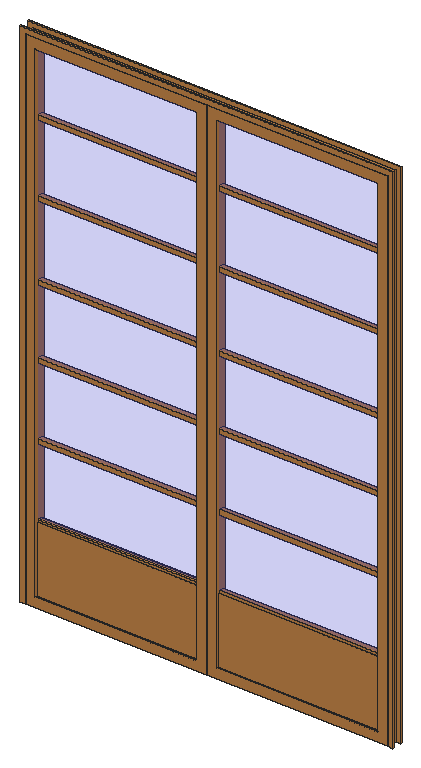
Revit family "WCT_A3-Durowin-1511x2134-DDAH", category Doors, host Wall, Revit 2016
Family settings
  Host = Wall
  Always vertical = Yes
  Cut with Voids When Loaded = No
  Shared = No
  Room Calculation Point = No
Parameters (values of type "DDAH Durowin")
  URL = "http://www.Durowin.com"
  Thickness = 0 mm
  Rough Width = Width + (2 * Frame Width)  # 1555 mm
  Rough Height = Height + Frame Width  # 2156 mm
  Panel Width = Width / 2  # 755.5 mm
  Model Type = "Butt Hinge"
  Model = "French Door And Sidelights"
  Material Glass = Glass
  Material Door Panel = Default Steel Door Panel
  Material Door Frame = Default Steel Door Frame
  Manufacturer Code = "DDAH"
  Manufacturer = "Durowin"
  Height = 2134 mm
  Wall Closure = By host
  Width = 1511 mm
  Function = Interior
  Frame Width = 22 mm
  Construction Type = "Steel"
  Assembly Code = "B2030120"
Reference planes
  plane 1 "Center Line": y = 0
  plane 2 "Center (Left/Right)": x = 38
  plane 3 "Left": x = -739.5
  plane 4 "Right": x = 815.5
  plane 5: z = 2156
  plane 6 "Exterior": y = 110
  plane 7 "Interior": y = -110
  plane 8: x = 905.5
  plane 9: x = -829.5
  plane 10: x = 763.5
  plane 11: x = 793.5
  plane 12: x = -717.5
  plane 13: z = 2134
  plane 14: z = 317.571
  plane 15 "Panel centre": y = -24.5
  plane 16 "panel interior": y = -35.5
  plane 17 "Panel Exterior": y = -13.5
  plane 18: x = -676.5
  plane 19: x = 752.5
  plane 20: z = 1214.786
  plane 21: z = 105
  plane 22: x = 79
  plane 23: x = -3
  plane 24: x = -452
  plane 25: x = 303.5
  plane 26: z = 1831.262
  plane 27: z = 1528.524
  plane 28: z = 923.048
  plane 29: z = 620.31
  plane 30: z = 1966
  plane 31: x = -717.5
  plane 32: x = 793.5
  plane 33: y = -865.5
  plane 34: z = 2093
  plane 35: x = -227.5
  plane 36: x = 528
Forms (mm)
  Sweep 1, solid, material "Default Steel Door Frame" <- "Material Door Frame", detail levels medium+fine
    path origin (0, 0, 0) x (1, 0, 0) y (0, 0, 1)
      loop
        line (815.5, 0) -> (815.5, 2156) -> (-739.5, 2156) -> (-739.5, 0)
    profile origin (0, 0, 1078) x (-1, 0, 0) y (0, -1, 0)
      loop
        line (-815.5, 0) -> (-783.5, 0) -> (-783.5, 3) -> (-793.5, 3) -> (-793.5, 45) -> (-815.5, 45) -> (-815.5, 42) -> (-796.5, 42) -> (-796.5, 3) -> (-815.5, 3) -> (-815.5, 0)
  Extrusion 2, solid, material "Default Steel Door Panel" <- "Material Door Panel", detail levels medium+fine
    sketch origin (0, 0, 0) x (1, 0, 0) y (0, 0, 1)
      loop
        line (38, 0) -> (793.5, 0) -> (793.5, 2134) -> (38, 2134) -> (38, 0)
      loop
        line (79, 41) -> (752.5, 41) -> (752.5, 2093) -> (79, 2093) -> (79, 41)
    from 3 to 45
  Extrusion 3, solid, material "Glass" <- "Material Glass", detail levels medium+fine
    sketch origin (0, -24.5, 0) x (1, 0, 0) y (0, 0, 1)
      loop
        line (752.5, 317.571) -> (752.5, 2093) -> (79, 2093) -> (79, 317.571) -> (752.5, 317.571)
    from 5 to -5
  Extrusion 4, solid, material "Default Steel Door Panel" <- "Material Door Panel", detail levels medium+fine
    sketch origin (0, -24.5, 0) x (1, 0, 0) y (0, 0, 1)
      loop
        line (752.5, 41) -> (752.5, 317.571) -> (79, 317.571) -> (79, 41) -> (752.5, 41)
    from 11 to -11
  Extrusion 5, solid, material "Default Steel Door Panel" <- "Material Door Panel", detail levels medium+fine
    sketch origin (0, 0, 0) x (1, 0, 0) y (0, 0, 1)
      loop
        line (-717.5, 0) -> (38, 0) -> (38, 2134) -> (-717.5, 2134) -> (-717.5, 0)
      loop
        line (-676.5, 41) -> (-3, 41) -> (-3, 2093) -> (-676.5, 2093) -> (-676.5, 41)
    from 3 to 45
  Extrusion 6, solid, material "Default Steel Door Panel" <- "Material Door Panel", detail levels medium+fine
    sketch origin (0, -24.5, 0) x (1, 0, 0) y (0, 0, 1)
      loop
        line (-3, 41) -> (-3, 317.571) -> (-676.5, 317.571) -> (-676.5, 41) -> (-3, 41)
    from 11 to -11
  Extrusion 7, solid, material "Glass" <- "Material Glass", detail levels medium+fine
    sketch origin (0, -24.5, 0) x (1, 0, 0) y (0, 0, 1)
      loop
        line (-3, 327.571) -> (-3, 2093) -> (-676.5, 2093) -> (-676.5, 327.571) -> (-3, 327.571)
    from 5 to -5
  Sweep 8, solid, material "Default Steel Door Panel" <- "Material Door Panel", detail levels medium+fine
    path origin (2.111, -24.5, 21.11) x (1, 0, 0) y (0, 0, 1)
      loop
        line (752.5, 1810.152) -> (76.889, 1810.152)
    profile origin (416.805, 0, 0) x (0, 0, -1) y (0, -1, 0)
      loop
        line (-1821.262, 14.5) -> (-1821.262, 34.5) -> (-1841.262, 34.5) -> (-1841.262, 14.5) -> (-1821.262, 14.5)
  Sweep 9, solid, material "Default Steel Door Panel" <- "Material Door Panel", detail levels medium+fine
    path origin (0, -24.5, -500.091) x (1, 0, 0) y (0, 0, 1)
      loop
        line (752.5, 1714.876) -> (79, 1714.876)
    profile origin (415.75, 0, 0) x (0, 0, -1) y (0, -1, 0)
      loop
        line (-1204.786, 14.5) -> (-1204.786, 34.5) -> (-1224.786, 34.5) -> (-1224.786, 14.5) -> (-1204.786, 14.5)
  Sweep 10, solid, material "Default Steel Door Panel" <- "Material Door Panel", detail levels medium+fine
    path origin (0.036, -24.5, -1027.218) x (1, 0, 0) y (0, 0, 1)
      loop
        line (752.5, 1647.527) -> (78.964, 1647.527)
    profile origin (415.768, 0, 0) x (0, 0, -1) y (0, -1, 0)
      loop
        line (-610.31, 14.5) -> (-610.31, 34.5) -> (-630.31, 34.5) -> (-630.31, 14.5) -> (-610.31, 14.5)
  Sweep 11, solid, material "Default Steel Door Panel" <- "Material Door Panel", detail levels medium+fine
    path origin (0, -24.5, -1301.929) x (1, 0, 0) y (0, 0, 1)
      loop
        line (752.5, 1619.5) -> (79, 1619.5)
    profile origin (415.75, 0, 0) x (0, 0, -1) y (0, -1, 0)
      loop
        line (-307.571, 14.5) -> (-307.571, 34.5) -> (-327.571, 34.5) -> (-327.571, 14.5) -> (-307.571, 14.5)
  Sweep 12, solid, material "Default Steel Door Panel" <- "Material Door Panel", detail levels medium+fine
    path origin (-591, -24.5, 19.542) x (1, 0, 0) y (0, 0, 1)
      loop
        line (588, 1811.72) -> (-85.5, 1811.72)
    profile origin (-339.75, 0, 0) x (0, 0, -1) y (0, -1, 0)
      loop
        line (-1821.262, 14.5) -> (-1821.262, 34.5) -> (-1841.262, 34.5) -> (-1841.262, 14.5) -> (-1821.262, 14.5)
  Sweep 13, solid, material "Default Steel Door Panel" <- "Material Door Panel", detail levels medium+fine
    path origin (-591, -24.5, -500.091) x (1, 0, 0) y (0, 0, 1)
      loop
        line (588, 1714.876) -> (-85.5, 1714.876)
    profile origin (-339.75, 0, 0) x (0, 0, -1) y (0, -1, 0)
      loop
        line (-1204.786, 14.5) -> (-1204.786, 34.5) -> (-1224.786, 34.5) -> (-1224.786, 14.5) -> (-1204.786, 14.5)
  Sweep 14, solid, material "Default Steel Door Panel" <- "Material Door Panel", detail levels medium+fine
    path origin (-591, -24.5, -1301.141) x (1, 0, 0) y (0, 0, 1)
      loop
        line (588, 1618.712) -> (-85.5, 1618.712)
    profile origin (-339.75, 0, 0) x (0, 0, -1) y (0, -1, 0)
      loop
        line (-307.571, 14.5) -> (-307.571, 34.5) -> (-327.571, 34.5) -> (-327.571, 14.5) -> (-307.571, 14.5)
  Sweep 15, solid, material "Default Steel Door Panel" <- "Material Door Panel", detail levels medium+fine
    path origin (-590.899, -24.5, -1026.487) x (1, 0, 0) y (0, 0, 1)
      loop
        line (588, 1646.796) -> (-85.5, 1646.796)
    profile origin (-339.649, 0, 0) x (0, 0, -1) y (0, -1, 0)
      loop
        line (-610.31, 14.5) -> (-610.31, 34.5) -> (-630.31, 34.5) -> (-630.31, 14.5) -> (-610.31, 14.5)
  Sweep 16, solid, material "Default Steel Door Panel" <- "Material Door Panel", detail levels medium+fine
    path origin (2.111, -24.5, -255.462) x (1, 0, 0) y (0, 0, 1)
      loop
        line (752.5, 1783.985) -> (76.889, 1783.985)
    profile origin (416.805, 0, 0) x (0, 0, -1) y (0, -1, 0)
      loop
        line (-1518.524, 14.5) -> (-1518.524, 34.5) -> (-1538.524, 34.5) -> (-1538.524, 14.5) -> (-1518.524, 14.5)
  Sweep 17, solid, material "Default Steel Door Panel" <- "Material Door Panel", detail levels medium+fine
    path origin (-591, -24.5, -257.029) x (1, 0, 0) y (0, 0, 1)
      loop
        line (588, 1785.553) -> (-85.5, 1785.553)
    profile origin (-339.75, 0, 0) x (0, 0, -1) y (0, -1, 0)
      loop
        line (-1518.524, 14.5) -> (-1518.524, 34.5) -> (-1538.524, 34.5) -> (-1538.524, 14.5) -> (-1518.524, 14.5)
  Sweep 18, solid, material "Default Steel Door Panel" <- "Material Door Panel", detail levels medium+fine
    path origin (-591, -24.5, -810.172) x (1, 0, 0) y (0, 0, 1)
      loop
        line (588, 1733.22) -> (-85.5, 1733.22)
    profile origin (-339.75, 0, 0) x (0, 0, -1) y (0, -1, 0)
      loop
        line (-913.048, 14.5) -> (-913.048, 34.5) -> (-933.048, 34.5) -> (-933.048, 14.5) -> (-913.048, 14.5)
  Sweep 19, solid, material "Default Steel Door Panel" <- "Material Door Panel", detail levels medium+fine
    path origin (2.111, -24.5, -808.605) x (1, 0, 0) y (0, 0, 1)
      loop
        line (752.5, 1731.652) -> (76.889, 1731.652)
    profile origin (416.805, 0, 0) x (0, 0, -1) y (0, -1, 0)
      loop
        line (-913.048, 14.5) -> (-913.048, 34.5) -> (-933.048, 34.5) -> (-933.048, 14.5) -> (-913.048, 14.5)
Cuts and joins
  joined: Sweep 8, Sweep 9, Sweep 10, Sweep 11, Sweep 16, Sweep 19
  joined: Sweep 12, Sweep 13, Sweep 14, Sweep 15, Sweep 17, Sweep 18
Lines and regions (mm)
  Opening 1
    outline origin (-3050, -110, 0) x (1, 0, 0) y (0, 0, 1)
      loop
        line (2310.5, 0) -> (3865.5, 0) -> (3865.5, 2156) -> (2310.5, 2156) -> (2310.5, 0)
  symbolic lines, style "Elevation Swing"
    curve 1: line (-675.5, 0, 41) -> (-3, 0, 1067)
    curve 10: line (-676.5, 0, 2093) -> (-3, 0, 1067)
    curve 11: line (751.5, 0, 41) -> (79, 0, 1067)
    curve 12: line (752.5, 0, 2093) -> (79, 0, 1067)
  symbolic lines, style "DoorsPanelProjection"
    curve 2: line (-717.5, -110, 0) -> (-717.5, -865.391, 0)
    curve 3: line (793.5, -110, 0) -> (793.5, -865.753, 0)
    curve 4: arc (-717.5, -865.391, 0) -> (-187.177, -636.948, 0) -> (29.428, -101.68, 0) r 759.834
    curve 5: arc (793.5, -865.753, 0) -> (253.219, -641.961, 0) -> (29.428, -101.68, 0) r 764.072
  symbolic lines, style "DoorsPanelProjection", detail levels medium+fine
    curve 6: line (752.456, -45, 0) -> (752.456, -864.649, 0)
    curve 7: line (-676.593, -45, 0) -> (-676.593, -863.593, 0)
  symbolic lines, style "Overhead", detail levels medium+fine
    curve 8: line (-739.5, -110, 0) -> (815.5, -110, 0)
    curve 9: line (815.5, 110, 0) -> (-739.5, 110, 0)
Text (mm)
  text "Exterior" at (-2295.016, 1099.543, 0), in view "Ref. Level"
  text "Exterior" at (0, 1615.38, 3698.081), in view "Left"
  text "Exterior" at (0, 1036.032, 3874.932), in view "Right"
Dimensions and locks
  equal spacing: plane 3 "Left", plane 2 "Center (Left/Right)", plane 4 "Right"
  "Width": plane 12 to plane 11
  "Height": plane 13 to host wall
  host wall to plane 20 to plane 5 = 1214.786 mm, 941.214 mm
  locked: host wall to plane 6 "Exterior" at 0
  locked: plane 7 "Interior" to host wall
  locked: plane 4 "Right" to plane 8 at 90
  plane 9 to plane 3 "Left" = 90 mm
  locked: plane 10 to plane 4 "Right" at 52
  "Frame Width": plane 3 "Left" to plane 12
  "Frame Width": plane 11 to plane 4 "Right"
  "Frame Width": plane 13 to plane 5
  locked: plane 15 "Panel centre" to plane 1 "Center Line" at 24.5
  plane 19 to plane 4 "Right" = 63 mm
  plane 3 "Left" to plane 18 = 63 mm
  plane 18 to plane 24 to plane 23 = 224.5 mm, 449 mm
  plane 22 to plane 25 to plane 19 = 224.5 mm, 449 mm
  plane 30 to plane 5 = 190 mm
  equal spacing: plane 23, plane 2 "Center (Left/Right)", plane 22, locked at 41 each
  "Panel Width": plane 33 to plane 7 "Interior"
  cut or joined group of Sweep 8, Sweep 9, Sweep 10, Sweep 11, Sweep 16, Sweep 19 to Extrusion 2 = 714.5 mm
  aligned and locked: plane 3 "Left" to Opening 1 sketch curve
  aligned and locked: plane 5 to Opening 1 sketch curve  (x2)
  aligned and locked: Opening 1 sketch curve to plane 4 "Right"
  aligned and locked: Opening 1 sketch curve to level
  aligned and locked: plane 1 "Center Line" to host wall
  aligned and locked: Extrusion 3 sketch curve to Extrusion 2  (x3)
  aligned and locked: plane 14 to Extrusion 3 sketch curve
  aligned and locked: Extrusion 4 sketch curve to Extrusion 2
  aligned and locked: plane 22 to Extrusion 2 sketch curve
  aligned and locked: Extrusion 2 to Extrusion 5 sketch curve
  aligned and locked: Extrusion 5 sketch curve to Extrusion 2
  aligned and locked: Extrusion 2 to Extrusion 7
  aligned and locked: Extrusion 6 to plane 14
  aligned and locked: Extrusion 2 to Sweep 16 sketch curve
  aligned and locked: Extrusion 2 to Sweep 19 sketch curve
  aligned and locked: Extrusion 2 to Sweep 10 sketch curve
  aligned and locked: Sweep 10 sketch curve to plane 29
  aligned and locked: Sweep 11 sketch curve to plane 14
  aligned and locked: Sweep 14 sketch curve to plane 14
  aligned and locked: Sweep 18 sketch curve to plane 28
  aligned and locked: Sweep 19 sketch curve to plane 28
  aligned and locked: Sweep 9 sketch curve to plane 20
  aligned and locked: Extrusion 2 to Sweep 9 sketch curve
  aligned and locked: Sweep 13 sketch curve to plane 20
  aligned and locked: Sweep 16 sketch curve to plane 27
  aligned and locked: Sweep 17 sketch curve to plane 27
  aligned and locked: Sweep 8 sketch curve to plane 26
  aligned and locked: Extrusion 2 to Sweep 8 sketch curve
  aligned and locked: Sweep 12 sketch curve to plane 26
  aligned and locked: Extrusion 2 sketch curve to plane 13
  aligned and locked: Extrusion 5 sketch curve to plane 13
  aligned and locked: cut or joined group of Sweep 8, Sweep 9, Sweep 10, Sweep 11, Sweep 16, Sweep 19 to Extrusion 7
  aligned and locked: plane 31 to Extrusion 5 sketch curve
  aligned and locked: Extrusion 2 sketch curve to plane 32
  aligned and locked: plane 12 to plane 31
  aligned and locked: plane 11 to plane 32
  aligned and locked: plane 7 "Interior" to curve 2
  aligned and locked: Sweep 1 sketch curve to host wall
  aligned and locked: Sweep 1 sketch curve to plane 5
  aligned and locked: Sweep 1 sketch curve to Extrusion 2
  aligned and locked: Extrusion 2 to Sweep 1 sketch curve
  aligned and locked: plane 32 to curve 3
  aligned and locked: plane 31 to curve 2
Automatic sketch dimensions
  plane 14 to Extrusion 4 sketch curve = 0 mm
  Extrusion 4 sketch curve to plane 19 = 0 mm
  plane 21 to Extrusion 4 sketch curve = 64 mm
  Extrusion 2 sketch curve to plane 2 "Center (Left/Right)" = 0 mm
  plane 21 to Extrusion 2 sketch curve = 64 mm
  Extrusion 2 sketch curve to plane 19 = 0 mm
  Extrusion 2 sketch curve to level = 0 mm
  plane 13 to Extrusion 2 sketch curve = 41 mm
  Extrusion 6 sketch curve to plane 18 = 0 mm
  plane 14 to Extrusion 6 sketch curve = 0 mm
  plane 21 to Extrusion 6 sketch curve = 64 mm
  Extrusion 6 sketch curve to plane 2 "Center (Left/Right)" = 41 mm
  Extrusion 7 sketch curve to plane 14 = 10 mm
  Extrusion 7 sketch curve to plane 18 = 0 mm
  plane 13 to Extrusion 7 sketch curve = 41 mm
  profile plane to Sweep 8 sketch curve = 10 mm
  Sweep 8 sketch curve to plane 15 "Panel centre" = 10 mm
  Sweep 8 sketch curve to profile plane = 10 mm
  plane 15 "Panel centre" to Sweep 8 sketch curve = 10 mm
  Sweep 8 sketch curve to plane 19 = 2.111 mm
  Sweep 9 sketch curve to plane 19 = 0 mm
  profile plane to Sweep 9 sketch curve = 10 mm  (x2)
  Sweep 9 sketch curve to profile plane = 10 mm  (x2)
  Sweep 10 sketch curve to plane 19 = 0.036 mm
  profile plane to Sweep 10 sketch curve = 10 mm  (x2)
  Sweep 10 sketch curve to profile plane = 10 mm  (x2)
  Sweep 11 sketch curve to plane 22 = 0 mm
  Sweep 11 sketch curve to plane 19 = 0 mm
  profile plane to Sweep 11 sketch curve = 10 mm  (x2)
  Sweep 11 sketch curve to profile plane = 10 mm  (x2)
  Sweep 12 sketch curve to plane 18 = 0 mm
  profile plane to Sweep 12 sketch curve = 10 mm  (x2)
  Sweep 12 sketch curve to profile plane = 10 mm  (x2)
  plane 18 to Sweep 13 sketch curve = 0 mm
  profile plane to Sweep 13 sketch curve = 10 mm  (x2)
  Sweep 13 sketch curve to profile plane = 10 mm  (x2)
  Sweep 14 sketch curve to plane 18 = 0 mm
  Sweep 14 sketch curve to plane 23 = 0 mm
  profile plane to Sweep 14 sketch curve = 10 mm  (x2)
  Sweep 14 sketch curve to profile plane = 10 mm  (x2)
  Sweep 15 sketch curve to plane 18 = 0.101 mm
  Sweep 15 sketch curve to plane 23 = 0.101 mm
  plane 29 to Sweep 15 sketch curve = 0 mm
  profile plane to Sweep 15 sketch curve = 10 mm  (x2)
  Sweep 15 sketch curve to profile plane = 10 mm  (x2)
  Sweep 16 sketch curve to plane 19 = 2.111 mm
  profile plane to Sweep 16 sketch curve = 10 mm  (x2)
  Sweep 16 sketch curve to profile plane = 10 mm  (x2)
  Sweep 17 sketch curve to plane 18 = 0 mm
  profile plane to Sweep 17 sketch curve = 10 mm  (x2)
  Sweep 17 sketch curve to profile plane = 10 mm  (x2)
  Sweep 18 sketch curve to plane 18 = 0 mm
  Sweep 18 sketch curve to plane 23 = 0 mm
  profile plane to Sweep 18 sketch curve = 10 mm  (x2)
  Sweep 18 sketch curve to profile plane = 10 mm  (x2)
  Sweep 19 sketch curve to plane 19 = 2.111 mm
  profile plane to Sweep 19 sketch curve = 10 mm  (x2)
  Sweep 19 sketch curve to profile plane = 10 mm  (x2)
  Extrusion 7 sketch curve to plane 23 = 0 mm
  Extrusion 5 sketch curve to plane 18 = 0 mm
  Extrusion 5 sketch curve to plane 2 "Center (Left/Right)" = 0 mm
  Extrusion 5 sketch curve to level = 0 mm
  Sweep 1 sketch curve to plane 4 "Right" = 0 mm
  Sweep 1 sketch curve to level = 0 mm  (x2)
  Extrusion 5 sketch curve to plane 23 = 0 mm
  curve 8 to plane 3 "Left" = 0 mm
  curve 9 to host wall = 0 mm
  curve 9 to plane 3 "Left" = 0 mm
  plane 18 to curve 7 = 0.093 mm
  plane 19 to curve 6 = 0.044 mm
  curve 9 to plane 4 "Right" = 0 mm
  curve 8 to plane 4 "Right" = 0 mm
  curve 4 to plane 12 = 12.896 mm
  curve 4 to plane 2 "Center (Left/Right)" = 8.572 mm
  plane 33 to curve 5 = 0.253 mm
  plane 16 "panel interior" to curve 6 = 9.5 mm
  plane 16 "panel interior" to curve 7 = 9.5 mm
  curve 10 to plane 18 = 0 mm
  curve 10 to plane 34 = 0 mm
  curve 1 to plane 23 = 0 mm
  curve 1 to plane 18 = 1 mm
  level to curve 1 = 41 mm
  curve 1 to plane 28 = 143.952 mm
  curve 12 to plane 19 = 0 mm
  curve 12 to plane 34 = 0 mm
  curve 11 to plane 22 = 0 mm
  curve 11 to curve 10 = 0 mm
  plane 19 to curve 11 = 1 mm
  level to curve 11 = 41 mm
  Sweep 1 sketch curve to plane 1 "Center Line" = 0 mm
  Sweep 1 sketch curve to profile plane = 0 mm  (x2)
  Sweep 1 sketch curve to profile plane = 19 mm
  Sweep 1 sketch curve to Sweep 1 sketch curve = 3 mm  (x2)
  Sweep 1 sketch curve to Sweep 1 sketch curve = 10 mm
  Sweep 1 sketch curve to Sweep 1 sketch curve = 39 mm
  curve 4 to plane 33 = 0.109 mm
